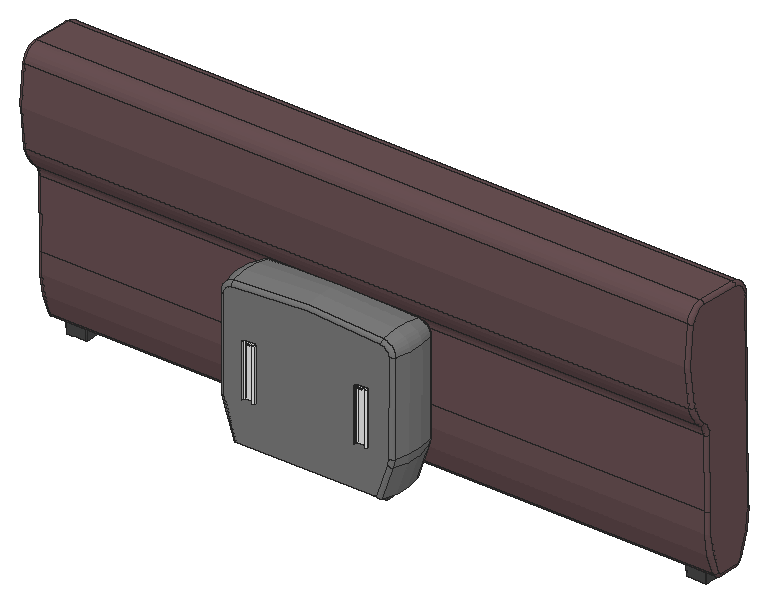
Revit family "Chair-Soft_Seating-Allermuir-Haven_Bench-HABB300W", category Furniture, Revit 2012
Parameters (values of type "HABB300W")
  ecoScorecard_data = "http://thesenatorgroup.ecoscorecard.com/product/HABB300W"
  ecoScorecard Product Page = "http://products.ecoscorecard.com/allermuir/HABB300W?action=html"
  Width = 0' - 0"
  Weight = 0.0 lbf
  Upholstered Seat = "No"
  Upholstered Back = "No"
  URL = "http://www.allermuir.net/Default.aspx"
  Subcategory = "Soft Seating"  # constant formula
  Stand = Plastic - Allermuir - Black
  Stacks = no
  Specifications URL = ""
  Side Bracket = Metal - Allermuir - Chrome - Polished
  Seat or Top = Fabric - Allermuir - Silcoates
  Seat = Fabric - Allermuir - Silcoates
  Product Page URL = "http://www.allermuir.net/Products.aspx?RangeId=495"
  Product Line = "Haven Bench"  # constant formula
  Pricing URL = ""
  Plugin Data URL = "http://products.ecoscorecard.com/thesenatorgroup/HABB300W"
  Plastic Arms in Black = "No"
  Model = "HABB300W"  # constant formula
  Manufacturer Phone - Toll Free = "(888) 887 5806"  # constant formula
  Manufacturer Phone = "(419) 887 5806"  # constant formula
  Manufacturer Fax = "(419) 887 5805"  # constant formula
  Manufacturer Email = "mailto:contact@allermuir-na.com"
  Manufacturer Address = "1630 Holland Road, Maumee, Ohio 43537 "  # constant formula
  Manufacturer = "Allermuir"  # constant formula
  LEED Stats URL = ""
  Height = 0' - 0"
  Fabric Spec Sheets = "http://www.allermuir.net/Services/File.ashx?Type=B&Id=51"
  Description = ""
  Depth = 0' - 0"
  Color Availability = "See price list for material options"  # constant formula
  CAD Blocks URL = ""
  Brochure URL = ""
  Base = Plastic - Allermuir - Black
  Back Rest = Fabric - Allermuir - Upholstery - Velvet - Red 1
  Back = Fabric - Allermuir - Upholstery - Velvet - Red 1
  Assembly Code = "E2020200"
  95 CSI = "12510"  # constant formula
  04 CSI = "12 51 00"  # constant formula
Reference planes (in)
  plane 1 "Center Front/Back": y = 0
  plane 2: z = 0
  plane 3 "Center Left/Right": x = 0
  plane 4: y = 6.17813
  plane 5: y = -6.29532
  plane 6: z = 30.71875
  plane 7: x = -36.92435
  plane 8: x = 39.54935
  plane 9: y = 6.14688
Forms (in)
  Sweep 1, solid, material "Fabric - Allermuir - Silcoates" <- "Seat"
    path origin (-1.56128, -23.52519, 0) x (1, 0, 0) y (0, 0, 1)
      loop
        arc (8.87461, 0.96094) -> (9.53566, 2.78289) -> (10.13399, 4.6264) r 56.64354
        arc (10.13399, 4.6264) -> (10.25253, 5.09355) -> (10.32555, 5.56994) r 5
        arc (10.32555, 5.56994) -> (10.61327, 10.83959) -> (10.38059, 16.11195) r 53.52058
        arc (10.38059, 16.11195) -> (9.81768, 17.32528) -> (8.61591, 17.91249) r 2
        arc (8.61591, 17.91249) -> (-0.00186, 18.3998) -> (-8.61907, 17.90269) r 75.68169
        arc (-8.61907, 17.90269) -> (-9.8195, 17.31479) -> (-10.38152, 16.10203) r 2
        arc (-10.38152, 16.10203) -> (-10.61324, 10.83461) -> (-10.32555, 5.56994) r 53.52058
        arc (-10.32555, 5.56994) -> (-10.25253, 5.09355) -> (-10.13399, 4.6264) r 5
        arc (-10.13399, 4.6264) -> (-9.53566, 2.78289) -> (-8.87461, 0.96094) r 56.64354
    profile origin (-1.56314, -23.52519, 18.3998) x (0.000569, 0, -1) y (0, -1, 0)
      loop
        arc (0.44154, -23.03232) -> (0.62306, -23.28316) -> (0.91746, -23.37902) r 0.5
        line (0.91746, -23.37902) -> (1.09094, -23.37902) -> (1.09094, -17.72107) -> (0.89741, -17.72107)
        arc (0.89741, -17.72107) -> (0.60126, -17.81821) -> (0.42018, -18.07187) r 0.5
        arc (0.42018, -18.07187) -> (0.04674, -20.55375) -> (0.44154, -23.03232) r 8.19934
  Extrusion 2, solid, material "Fabric - Allermuir - Silcoates" <- "Seat"
    sketch origin (-1.56128, -23.52519, 0) x (1, 0, 0) y (0, 0, 1)
      loop
        arc (-8.49423, 16.81891) -> (-9.03986, 16.5517) -> (-9.29532, 16.00046) r 0.90906
        arc (-9.29532, 16.00046) -> (-9.52231, 10.84041) -> (-9.24049, 5.68305) r 52.42964
        arc (-9.24049, 5.68305) -> (-9.1834, 5.3106) -> (-9.09072, 4.94538) r 3.90906
        arc (-9.09072, 4.94538) -> (-8.49619, 3.11489) -> (-7.8386, 1.3061) r 55.5526
        line (-7.8386, 1.3061) -> (7.8386, 1.3061)
        arc (7.8386, 1.3061) -> (8.49619, 3.11489) -> (9.09072, 4.94538) r 55.5526
        arc (9.09072, 4.94538) -> (9.1834, 5.3106) -> (9.24049, 5.68305) r 3.90906
        arc (9.24049, 5.68305) -> (9.52234, 10.84528) -> (9.29441, 16.01017) r 52.42964
        arc (9.29441, 16.01017) -> (9.03855, 16.56167) -> (8.49231, 16.82857) r 0.90906
        arc (8.49231, 16.82857) -> (-0.00124, 17.30886) -> (-8.49423, 16.81891) r 74.59075
    from -23.37902 to -17.72107
  Extrusion 3, solid, material "Metal - Allermuir - Chrome - Polished"
    sketch origin (-1.56128, -7.66085, 0) x (1, 0, 0) y (0, 1, 0)
      loop
        line (-7.17201, 1.60239) -> (-7.02937, 1.36554) -> (-6.97879, 1.39602) -> (-7.10763, 1.60996)
        arc (-7.10763, 1.60996) -> (-7.11413, 1.64422) -> (-7.09676, 1.67446) r 0.05023
        line (-7.09676, 1.67446) -> (-6.9623, 1.78651)
        arc (-6.9623, 1.78651) -> (-6.94825, 1.79458) -> (-6.93229, 1.79738) r 0.04688
        line (-6.93229, 1.79738) -> (-5.90591, 1.79738)
        arc (-5.90591, 1.79738) -> (-5.88995, 1.79458) -> (-5.8759, 1.78651) r 0.04688
        line (-5.8759, 1.78651) -> (-5.74182, 1.67477)
        arc (-5.74182, 1.67477) -> (-5.72425, 1.6442) -> (-5.73082, 1.60957) r 0.05078
        line (-5.73082, 1.60957) -> (-5.85941, 1.39602) -> (-5.80883, 1.36554) -> (-5.66593, 1.60283)
        arc (-5.66593, 1.60283) -> (-5.65589, 1.65572) -> (-5.68271, 1.7024) r 0.07754
        line (-5.68271, 1.7024) -> (-5.84837, 1.84044)
        arc (-5.84837, 1.84044) -> (-5.86945, 1.85253) -> (-5.89338, 1.85673) r 0.07031
        line (-5.89338, 1.85673) -> (-6.94412, 1.85673)
        arc (-6.94412, 1.85673) -> (-6.96871, 1.85242) -> (-6.99037, 1.83999) r 0.07223
        line (-6.99037, 1.83999) -> (-7.1551, 1.70271)
        arc (-7.1551, 1.70271) -> (-7.18212, 1.65568) -> (-7.17201, 1.60239) r 0.07813
    from 6.15113 to 12.05615
  Extrusion 4, solid, material "Metal - Allermuir - Chrome - Polished"
    sketch origin (-1.56128, -7.66085, 0) x (1, 0, 0) y (0, 1, 0)
      loop
        line (-6.18383, 1.44334) -> (-6.18383, 1.79738) -> (-6.65516, 1.79738) -> (-6.65516, 1.44334) -> (-6.18383, 1.44334)
    from 11.99759 to 12.05664
  Extrusion 5, solid, material "Metal - Allermuir - Chrome - Polished"
    sketch origin (-1.56128, -7.66085, 0) x (-1, 0, 0) y (0, -1, 0)
      loop
        arc (-7.17201, -1.60239) -> (-7.18212, -1.65568) -> (-7.1551, -1.70271) r 0.07813
        line (-7.1551, -1.70271) -> (-6.99037, -1.83999)
        arc (-6.99037, -1.83999) -> (-6.96871, -1.85242) -> (-6.94412, -1.85673) r 0.07223
        line (-6.94412, -1.85673) -> (-5.89338, -1.85673)
        arc (-5.89338, -1.85673) -> (-5.86945, -1.85253) -> (-5.84837, -1.84044) r 0.07031
        line (-5.84837, -1.84044) -> (-5.68271, -1.7024)
        arc (-5.68271, -1.7024) -> (-5.65589, -1.65572) -> (-5.66593, -1.60283) r 0.07754
        line (-5.66593, -1.60283) -> (-5.80883, -1.36554) -> (-5.85941, -1.39602) -> (-5.73082, -1.60957)
        arc (-5.73082, -1.60957) -> (-5.72425, -1.6442) -> (-5.74182, -1.67477) r 0.05078
        line (-5.74182, -1.67477) -> (-5.8759, -1.78651)
        arc (-5.8759, -1.78651) -> (-5.88995, -1.79458) -> (-5.90591, -1.79738) r 0.04688
        line (-5.90591, -1.79738) -> (-6.93229, -1.79738)
        arc (-6.93229, -1.79738) -> (-6.94825, -1.79458) -> (-6.9623, -1.78651) r 0.04688
        line (-6.9623, -1.78651) -> (-7.09676, -1.67446)
        arc (-7.09676, -1.67446) -> (-7.11413, -1.64422) -> (-7.10763, -1.60996) r 0.05023
        line (-7.10763, -1.60996) -> (-6.97879, -1.39602) -> (-7.02937, -1.36554) -> (-7.17201, -1.60239)
    from 6.15113 to 12.05615
  Extrusion 6, solid, material "Metal - Allermuir - Chrome - Polished"
    sketch origin (-1.56128, -7.66085, 0) x (-1, 0, 0) y (0, -1, 0)
      loop
        line (-6.18383, -1.44334) -> (-6.65516, -1.44334) -> (-6.65516, -1.79738) -> (-6.18383, -1.79738) -> (-6.18383, -1.44334)
    from 11.99759 to 12.05664
  Sweep 7, solid, material "Fabric - Allermuir - Upholstery - Velvet - Red 1" <- "Back Rest"
    path origin (1.3125, -7.60312, 0) x (0, 1, 0) y (0, 0, 1)
      loop
        arc (11.6137, 30.56461) -> (9.34552, 30.68815) -> (7.07548, 30.60558) r 25.03281
        arc (7.07548, 30.60558) -> (5.89767, 30.09597) -> (5.27204, 28.97547) r 2
        arc (5.27204, 28.97547) -> (4.91656, 24.60313) -> (5.44985, 20.24889) r 21.64753
        arc (5.44985, 20.24889) -> (5.98205, 18.93261) -> (6.90316, 17.85214) r 4.43222
        arc (6.90316, 17.85214) -> (7.3712, 17.27279) -> (7.59481, 16.56236) r 2
        arc (7.59481, 16.56236) -> (7.85389, 12.64845) -> (7.70877, 8.72866) r 38.06164
        arc (7.70877, 8.72866) -> (7.86337, 5.18083) -> (8.93913, 1.79648) r 13.47991
        arc (8.93913, 1.79648) -> (9.26793, 1.40486) -> (9.74735, 1.22698) r 1
        arc (9.74735, 1.22698) -> (10.7358, 1.18153) -> (11.72377, 1.23658) r 9.7438
        arc (11.72377, 1.23658) -> (12.19914, 1.41745) -> (12.52404, 1.80876) r 1
        arc (12.52404, 1.80876) -> (12.64516, 2.07615) -> (12.76064, 2.34602) r 13.9843
        arc (12.76064, 2.34602) -> (13.44072, 4.54186) -> (13.70072, 6.82586) r 12.31105
        arc (13.70072, 6.82586) -> (13.73701, 17.74884) -> (13.41229, 28.66705) r 330.4614
        arc (13.41229, 28.66705) -> (12.86599, 29.95041) -> (11.6137, 30.56461) r 2
    profile origin (1.3125, 1.7424, 30.68815) x (0, -0.009027, -0.999959) y (1, 0, 0)
      loop
        arc (-0.01686, -37.85162) -> (0.10328, -38.14164) -> (0.3933, -38.26177) r 0.41016
        line (0.3933, -38.26177) -> (0.5, -38.26177) -> (0.5, 38.26163) -> (0.3933, 38.26163)
        arc (0.3933, 38.26163) -> (0.10328, 38.14149) -> (-0.01686, 37.85147) r 0.41016
        line (-0.01686, 37.85147) -> (-0.01686, -37.85162)
  Extrusion 8, solid, material "Fabric - Allermuir - Upholstery - Velvet - Red 1" <- "Back Rest"
    sketch origin (30.73995, 1.51642, 5.65637) x (0, 0.088309, 0.996093) y (0, -0.996093, 0.088309)
      loop
        arc (22.9062, 5.42553) -> (18.62086, 5.39424) -> (14.42982, 4.49967) r 21.14753
        arc (14.42982, 4.49967) -> (13.30829, 3.92622) -> (12.42562, 3.02757) r 3.93222
        arc (12.42562, 3.02757) -> (11.75592, 2.38085) -> (10.89604, 2.02401) r 2.5
        arc (10.89604, 2.02401) -> (6.96939, 1.41238) -> (3.00063, 1.20813) r 38.56164
        arc (3.00063, 1.20813) -> (-0.38911, 0.75815) -> (-3.54371, -0.56143) r 12.97991
        arc (-3.54371, -0.56143) -> (-3.72424, -0.74249) -> (-3.79167, -0.98911) r 0.5
        arc (-3.79167, -0.98911) -> (-3.75788, -1.85926) -> (-3.64237, -2.72237) r 9.2438
        arc (-3.64237, -2.72237) -> (-3.52433, -2.96478) -> (-3.29757, -3.11065) r 0.5
        arc (-3.29757, -3.11065) -> (-1.62671, -3.55526) -> (0.07344, -3.8698) r 22.42127
        arc (0.07344, -3.8698) -> (0.41867, -3.90263) -> (0.76545, -3.90113) r 3.5
        arc (0.76545, -3.90113) -> (12.08632, -2.98164) -> (23.34055, -1.44867) r 209.05742
        arc (23.34055, -1.44867) -> (24.24107, -0.93949) -> (24.5978, 0.03156) r 1.5
        arc (24.5978, 0.03156) -> (24.50905, 2.11642) -> (24.24344, 4.1862) r 24.53281
        arc (24.24344, 4.1862) -> (23.78472, 5.03235) -> (22.9062, 5.42553) r 1.5
    from -67.68922 to 8.83417
  Extrusion 9, solid, material "Fabric - Allermuir - Upholstery - Velvet - Red 1" <- "Back Rest"
    sketch origin (1.3125, -7.60312, 0) x (0, 1, 0) y (0, 0, 1)
      loop
        arc (11.56388, 30.0671) -> (9.341, 30.18817) -> (7.1163, 30.10725) r 24.53281
        arc (7.1163, 30.10725) -> (6.23295, 29.72504) -> (5.76373, 28.88467) r 1.5
        arc (5.76373, 28.88467) -> (5.41646, 24.61331) -> (5.93743, 20.35965) r 21.14753
        arc (5.93743, 20.35965) -> (6.40959, 19.19186) -> (7.22679, 18.23328) r 3.93222
        arc (7.22679, 18.23328) -> (7.81184, 17.50909) -> (8.09136, 16.62105) r 2.5
        arc (8.09136, 16.62105) -> (8.35383, 12.65572) -> (8.20681, 8.68444) r 38.56164
        arc (8.20681, 8.68444) -> (8.35568, 5.2682) -> (9.39153, 2.00939) r 12.97991
        arc (9.39153, 2.00939) -> (9.55593, 1.81358) -> (9.79564, 1.72464) r 0.5
        arc (9.79564, 1.72464) -> (10.73338, 1.68153) -> (11.67065, 1.73375) r 9.2438
        arc (11.67065, 1.73375) -> (11.90833, 1.82418) -> (12.07078, 2.01984) r 0.5
        arc (12.07078, 2.01984) -> (12.18757, 2.27766) -> (12.29892, 2.53788) r 13.4843
        arc (12.29892, 2.53788) -> (12.95138, 4.64455) -> (13.20082, 6.83579) r 11.81105
        arc (13.20082, 6.83579) -> (13.23706, 17.74224) -> (12.91282, 28.64393) r 329.9614
        arc (12.91282, 28.64393) -> (12.5031, 29.60645) -> (11.56388, 30.0671) r 1.5
    from -38.26177 to 38.26163
Cuts and joins
  joined: Sweep 1, Extrusion 2
  joined: Sweep 7, Extrusion 8, Extrusion 9
Lines and regions (in)
  symbolic lines, style "Sofa"
    curve 1: line (8.15351, -5.80479, 0) -> (-11.31086, -5.80479, 0)
    curve 2: arc (-11.70572, -5.52654, 0) -> (-11.55239, -5.72824, 0) -> (-11.31086, -5.80479, 0) r 0.41929
    curve 3: arc (8.15351, -5.80479, 0) -> (8.44957, -5.70772, 0) -> (8.63067, -5.45418, 0) r 0.5
    curve 4: line (-7.74511, -6.21751, 0) -> (-7.74511, -5.86348, 0)
    curve 5: line (-8.21644, -6.21751, 0) -> (-7.74511, -6.21751, 0)
    curve 6: line (-8.21644, -5.86348, 0) -> (-8.21644, -6.21751, 0)
    curve 7: line (-8.73329, -6.05846, 0) -> (-8.59065, -6.29532, 0)
    curve 8: line (-8.54007, -6.26484, 0) -> (-8.66891, -6.0509, 0)
    curve 9: line (-8.59065, -6.29532, 0) -> (-8.54007, -6.26484, 0)
    curve 10: line (-8.55165, -5.82086, 0) -> (-8.71638, -5.95814, 0)
    curve 11: line (-8.65804, -5.9864, 0) -> (-8.52359, -5.87434, 0)
    curve 12: arc (-8.66891, -6.0509, 0) -> (-8.67541, -6.01664, 0) -> (-8.65804, -5.9864, 0) r 0.05023
    curve 13: arc (-8.71638, -5.95814, 0) -> (-8.74341, -6.00517, 0) -> (-8.73329, -6.05846, 0) r 0.07813
    curve 14: arc (-8.51522, -5.80479, 0) -> (-8.53457, -5.81027, 0) -> (-8.55165, -5.82086, 0) r 0.07223
    curve 15: arc (-8.52359, -5.87434, 0) -> (-8.50954, -5.86628, 0) -> (-8.49358, -5.86348, 0) r 0.04688
    curve 16: line (-8.49358, -5.86348, 0) -> (-7.46719, -5.86348, 0)
    curve 17: arc (-7.46719, -5.86348, 0) -> (-7.45124, -5.86628, 0) -> (-7.43718, -5.87434, 0) r 0.04688
    curve 18: line (-7.43718, -5.87434, 0) -> (-7.3031, -5.98608, 0)
    curve 19: arc (-7.3031, -5.98608, 0) -> (-7.28554, -6.01665, 0) -> (-7.29211, -6.05129, 0) r 0.05078
    curve 20: line (-7.29211, -6.05129, 0) -> (-7.42069, -6.26484, 0)
    curve 21: line (-7.42069, -6.26484, 0) -> (-7.37012, -6.29532, 0)
    curve 22: line (-7.37012, -6.29532, 0) -> (-7.22721, -6.05802, 0)
    curve 23: arc (-7.22721, -6.05802, 0) -> (-7.21718, -6.00513, 0) -> (-7.244, -5.95845, 0) r 0.07754
    curve 24: line (-7.244, -5.95845, 0) -> (-7.40965, -5.82042, 0)
    curve 25: arc (-7.40965, -5.82042, 0) -> (-7.42622, -5.81013, 0) -> (-7.44498, -5.80479, 0) r 0.07031
    curve 26: line (5.09388, -6.21751, 0) -> (5.09388, -5.86348, 0)
    curve 27: line (4.62255, -6.21751, 0) -> (5.09388, -6.21751, 0)
    curve 28: line (4.62255, -5.86348, 0) -> (4.62255, -6.21751, 0)
    curve 29: line (4.1057, -6.05846, 0) -> (4.24833, -6.29532, 0)
    curve 30: line (4.29892, -6.26484, 0) -> (4.17008, -6.0509, 0)
    curve 31: line (4.24833, -6.29532, 0) -> (4.29892, -6.26484, 0)
    curve 32: line (4.28734, -5.82086, 0) -> (4.12261, -5.95814, 0)
    curve 33: line (4.18095, -5.9864, 0) -> (4.3154, -5.87434, 0)
    curve 34: arc (4.17008, -6.0509, 0) -> (4.16357, -6.01664, 0) -> (4.18095, -5.9864, 0) r 0.05023
    curve 35: arc (4.12261, -5.95814, 0) -> (4.09558, -6.00517, 0) -> (4.1057, -6.05846, 0) r 0.07813
    curve 36: arc (4.32376, -5.80479, 0) -> (4.30442, -5.81027, 0) -> (4.28734, -5.82086, 0) r 0.07223
    curve 37: arc (4.3154, -5.87434, 0) -> (4.32945, -5.86628, 0) -> (4.34541, -5.86348, 0) r 0.04688
    curve 38: line (4.34541, -5.86348, 0) -> (5.37179, -5.86348, 0)
    curve 39: arc (5.37179, -5.86348, 0) -> (5.38775, -5.86628, 0) -> (5.4018, -5.87434, 0) r 0.04688
    curve 40: line (5.4018, -5.87434, 0) -> (5.53589, -5.98608, 0)
    curve 41: arc (5.53589, -5.98608, 0) -> (5.55345, -6.01665, 0) -> (5.54688, -6.05129, 0) r 0.05078
    curve 42: line (5.54688, -6.05129, 0) -> (5.41829, -6.26484, 0)
    curve 43: line (5.41829, -6.26484, 0) -> (5.46887, -6.29532, 0)
    curve 44: line (5.46887, -6.29532, 0) -> (5.61178, -6.05802, 0)
    curve 45: arc (5.61178, -6.05802, 0) -> (5.62181, -6.00513, 0) -> (5.59499, -5.95845, 0) r 0.07754
    curve 46: line (5.59499, -5.95845, 0) -> (5.42933, -5.82042, 0)
    curve 47: arc (5.42933, -5.82042, 0) -> (5.41276, -5.81013, 0) -> (5.39401, -5.80479, 0) r 0.07031
    curve 48: arc (-12.1366, -2.69107, 0) -> (-12.05787, -4.12958, 0) -> (-11.70572, -5.52654, 0) r 7.50514
    curve 49: arc (9.00713, -2.71708, 0) -> (8.93325, -4.10136, 0) -> (8.63067, -5.45418, 0) r 8.32406
    curve 50: line (-36.53214, -2.70947, 0) -> (39.15972, -2.70947, 0)
    curve 51: line (-36.95227, -2.28933, 0) -> (-36.95227, 5.76519, 0)
    curve 52: line (-36.53933, 6.17813, 0) -> (39.1693, 6.17813, 0)
    curve 53: line (39.5777, -2.29148, 0) -> (39.5777, 5.76973, 0)
    curve 54: arc (39.1693, 6.17813, 0) -> (39.45809, 6.05851, 0) -> (39.5777, 5.76973, 0) r 0.4084
    curve 55: arc (39.15972, -2.70947, 0) -> (39.45528, -2.58704, 0) -> (39.5777, -2.29148, 0) r 0.41799
    curve 56: arc (-36.95227, -2.28933, 0) -> (-36.82922, -2.58641, 0) -> (-36.53214, -2.70947, 0) r 0.42013
    curve 57: arc (-36.95227, 5.76519, 0) -> (-36.83133, 6.05718, 0) -> (-36.53933, 6.17813, 0) r 0.41294
Dimensions and locks (in)
  locked: plane 4 to plane 5 at 12.47345
  plane 6 to level = 2' - 6 23/32"  (x2)
  locked: plane 7 to plane 8 at 76.4737
  aligned and locked: Extrusion 2 to Sweep 1  (x2)
  aligned and locked: Sweep 7 to Extrusion 8
  aligned and locked: Extrusion 8 to Sweep 7
Nested families (in)
  nested 1: "Leg" at (-8.17798, -2.92759, 0.125) x (0, 1, 0) z (0, 0, 1), type "PSM102"
  nested 2: "Leg" at (5.05542, -2.92759, 0.125) x (0, 1, 0) z (0, 0, 1), type "PSM102"
  nested 3: "Leg1" at (-34.06153, 3.15424, 0), type "PSM102 2"
  nested 4: "Leg1" at (-1.625, 3.17648, 0), type "PSM102 2"
  nested 5: "Leg1" at (36.69257, 3.18433, 0), type "PSM102 2"
Definition of nested family "Leg"
  Parameters (values of type "PSM102")
    URL = ""
    Stand = Plastic - Allermuir - Black
    Stacks = no
    Model = ""
    Manufacturer = ""
    Description = ""
    Assembly Code = "E2020200"
  Reference planes (in)
    plane 1 "Center Front/Back": y = 0
    plane 2: z = 0
    plane 3 "Center Left/Right": x = 0
    plane 4: z = 1.1811
    plane 5: through (1.68179, 60.03512, 48) normal (1, -0.0075, 0)
    plane 6: through (-60.04651, 1.66009, 48) normal (0.0075, 1, 0)
    plane 7: through (-0.75471, 60.03512, 48) normal (1, -0.0075, 0)
    plane 8: through (-60.04651, -0.77642, 48) normal (0.0075, 1, 0)
  Forms (in)
    Blend 1, solid, material "Plastic - Allermuir - Black" <- "Stand"
      base sketch origin (0, 0, 0) x (1, 0, 0) y (0, 1, 0)
        loop
          arc (-1.05046, 1.17679) -> (-1.12804, 1.14534) -> (-1.16066, 1.06825) r 0.10938
          line (-1.16066, 1.06825) -> (-1.17679, -1.07224)
          arc (-1.17679, -1.07224) -> (-1.14534, -1.14982) -> (-1.06824, -1.18244) r 0.10938
          line (-1.06824, -1.18244) -> (1.07224, -1.19857)
          arc (1.07224, -1.19857) -> (1.14982, -1.16712) -> (1.18244, -1.09003) r 0.10938
          line (1.18244, -1.09003) -> (1.19857, 1.05046)
          arc (1.19857, 1.05046) -> (1.16712, 1.12804) -> (1.09003, 1.16066) r 0.10938
          line (1.09003, 1.16066) -> (-1.05046, 1.17679)
      top sketch origin (0, 0, 0) x (1, 0, 0) y (0, 1, 0)
        loop
          arc (1.23744, 1.08874) -> (1.20599, 1.16632) -> (1.12889, 1.19894) r 0.10938
          line (1.12889, 1.19894) -> (-1.08874, 1.21566)
          arc (-1.08874, 1.21566) -> (-1.16632, 1.18421) -> (-1.19894, 1.10711) r 0.10938
          line (-1.19894, 1.10711) -> (-1.21566, -1.11052)
          arc (-1.21566, -1.11052) -> (-1.1842, -1.1881) -> (-1.10711, -1.22072) r 0.10938
          line (-1.10711, -1.22072) -> (1.11052, -1.23744)
          arc (1.11052, -1.23744) -> (1.1881, -1.20599) -> (1.22072, -1.12889) r 0.10938
          line (1.22072, -1.12889) -> (1.23744, 1.08874)
      from 0 to 1.1811
  Dimensions and locks (in)
    locked: plane 7 to plane 5 at 2.43644
    locked: plane 6 to plane 8 at 2.43645
    locked: plane 4 to level at 1.1811
Definition of nested family "Leg1"
  Parameters (values of type "PSM102")
    URL = ""
    Stand = none
    Stacks = no
    Model = ""
    Manufacturer = ""
    Description = ""
    Assembly Code = "E2020200"
  Reference planes (in)
    plane 1 "Center Front/Back": y = 0
    plane 2: z = 0
    plane 3 "Center Left/Right": x = 0
    plane 4: z = 1.1811
    plane 5: through (1.68179, 60.03512, 48) normal (1, -0.0075, 0)
    plane 6: through (-60.04651, 1.66009, 48) normal (0.0075, 1, 0)
    plane 7: through (-0.75471, 60.03512, 48) normal (1, -0.0075, 0)
    plane 8: through (-60.04651, -0.77642, 48) normal (0.0075, 1, 0)
  Forms (in)
    Blend 1, solid, material <- "Stand"
      base sketch origin (0, 0, 0) x (1, 0, 0) y (0, 1, 0)
        loop
          arc (-1.05046, 1.17679) -> (-1.12804, 1.14534) -> (-1.16066, 1.06825) r 0.10938
          line (-1.16066, 1.06825) -> (-1.17679, -1.07224)
          arc (-1.17679, -1.07224) -> (-1.14534, -1.14982) -> (-1.06824, -1.18244) r 0.10938
          line (-1.06824, -1.18244) -> (1.07224, -1.19857)
          arc (1.07224, -1.19857) -> (1.14982, -1.16712) -> (1.18244, -1.09003) r 0.10938
          line (1.18244, -1.09003) -> (1.19857, 1.05046)
          arc (1.19857, 1.05046) -> (1.16712, 1.12804) -> (1.09003, 1.16066) r 0.10938
          line (1.09003, 1.16066) -> (-1.05046, 1.17679)
      top sketch origin (0, 0, 0) x (1, 0, 0) y (0, 1, 0)
        loop
          arc (1.23744, 1.08874) -> (1.20599, 1.16632) -> (1.12889, 1.19894) r 0.10938
          line (1.12889, 1.19894) -> (-1.08874, 1.21566)
          arc (-1.08874, 1.21566) -> (-1.16632, 1.18421) -> (-1.19894, 1.10711) r 0.10938
          line (-1.19894, 1.10711) -> (-1.21566, -1.11052)
          arc (-1.21566, -1.11052) -> (-1.1842, -1.1881) -> (-1.10711, -1.22072) r 0.10938
          line (-1.10711, -1.22072) -> (1.11052, -1.23744)
          arc (1.11052, -1.23744) -> (1.1881, -1.20599) -> (1.22072, -1.12889) r 0.10938
          line (1.22072, -1.12889) -> (1.23744, 1.08874)
      from 0 to 1.1811
  Dimensions and locks (in)
    locked: plane 7 to plane 5 at 2.43644
    locked: plane 6 to plane 8 at 2.43645
    locked: plane 4 to level at 1.1811
